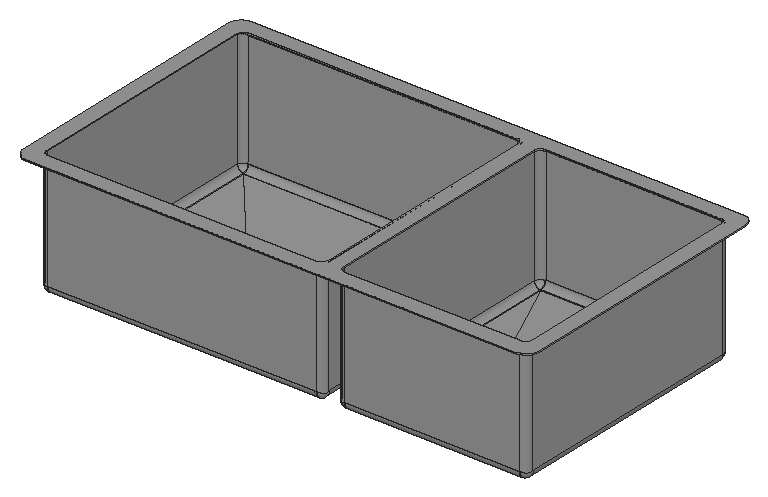
Revit family "BUILDMAT-SN101015-Lincoln-825-Stainless-Steel", category Plumbing Fixtures, host Face, Revit 2020
Family settings
  Host = Face
  Round Connector Dimension = Use Diameter
  Part Type = Normal
  Cut with Voids When Loaded = No
  Shared = No
  Room Calculation Point = No
Parameters (values of type "Lincoln 825x450x205mm")
  Width 2 = 300.0 mm
  Width 1 = 450.0 mm
  Undermount [instance] = 20.0 mm
  URL = "https://www.buildmat.com.au/products/825x450x205-single-3qtr-bowl-sink"
  Sound Pad 2 = yes
  Sound Pad 1 = yes
  Model = "SN101015"  # constant formula
  Manufacturer URL = "https://www.buildmat.com.au/"
  Manufacturer = "BUILDMAT"  # constant formula
  Length = 400.0 mm
  Gap = 25.0 mm
  Drain Sound Pad 2 = yes
  Drain Sound Pad 1 = yes
  Description = "BUILDMAT - Lincoln 825x450 Single & 3/4 Bowl Sink"  # constant formula
  Depth = 205.0 mm
  Default Elevation = 1200.0 mm
  D. S. Pad 2 = 230.0 mm
  D. S. Pad 1 = 230.0 mm
  D. Bracket 4 = 100.0 mm
  D. Bracket 3 = 25.0 mm
  D. Bracket 2 = 30.0 mm
  D. Bracket 1 = 100.0 mm
  Created By URL = "https://www.buildmat.com.au/"
  Created By = "BUILDMAT"  # constant formula
  Created = "22.06.2022"  # constant formula
  Bracket 4 = yes
  Bracket 3 = no
  Bracket 2 = yes
  Bracket 1 = yes
  Material = BUILDMAT Stainless Steel
Reference planes
  plane 1 "Center (Front/Back)": y = 0
  plane 2: z = 0
  plane 3 "Center (Left/Right)": x = 0
  plane 4: x = -12.5
  plane 5: x = 12.5
  plane 6: x = -462.5
  plane 7: x = 312.5
  plane 8: y = -200
  plane 9: y = 200
  plane 10: x = -487.5
  plane 11: x = 337.5
  plane 12: y = -225
  plane 13: y = 225
  plane 14: x = 162.5
  plane 15: x = -237.5
  plane 16: y = 190
  plane 17: y = -190
  plane 18: x = -452.5
  plane 19: x = -22.5
  plane 20: x = 22.5
  plane 21: x = 302.5
  plane 22: y = 201.5
  plane 23: y = -201.5
  plane 24: x = -464
  plane 25: x = -11
  plane 26: x = 11
  plane 27: x = 314
  plane 28: x = -294.5
  plane 29: x = -180.5
  plane 30: x = -192.5
  plane 31: x = -282.5
  plane 32: x = 105.5
  plane 33: x = 117.5
  plane 34: x = 207.5
  plane 35: x = 219.5
  plane 36 "Sound Pad 1": x = -232.5
  plane 37 "Sound Pad 2": x = 82.5
  plane 38 "Top Substrate": z = -20
  plane 39: z = -18.5
  plane 40 "Bottom Void": z = -225
  plane 41: z = -215
  plane 42: z = -205
  plane 43: z = -220
  plane 44: z = -221.481
  plane 45: z = -216.5
  plane 46 "Sound Pad": z = -125
  plane 47 "Bracket 1": x = -362.5
  plane 48 "Bracket 2": x = -42.5
  plane 49 "Bracket 3": x = 37.5
  plane 50 "Bracket 4": x = 212.5
  plane 51: y = 100
  plane 52: y = -100
  plane 53: x = -337.5
  plane 54: x = -137.5
  plane 55: x = 62.5
  plane 56: x = 262.5
  plane 57: z = -185
  plane 58: z = -165
Forms (mm)
  Extrusion 1, void
    sketch origin (0, 0, 0) x (1, 0, 0) y (0, 1, 0)
      loop
        arc (-452.5, 200) -> (-459.571, 197.071) -> (-462.5, 190) r 10
        line (-462.5, 190) -> (-462.5, -190)
        arc (-462.5, -190) -> (-459.571, -197.071) -> (-452.5, -200) r 10
        line (-452.5, -200) -> (302.5, -200)
        arc (302.5, -200) -> (309.571, -197.071) -> (312.5, -190) r 10
        line (312.5, -190) -> (312.5, 190)
        arc (312.5, 190) -> (309.571, 197.071) -> (302.5, 200) r 10
        line (302.5, 200) -> (-452.5, 200)
    from 0 to -18.5
  Extrusion 2, void
    sketch origin (0, 0, 0) x (1, 0, 0) y (0, 1, 0)
      loop
        arc (-467.5, 225) -> (-481.642, 219.142) -> (-487.5, 205) r 20
        line (-487.5, 205) -> (-487.5, -205)
        arc (-487.5, -205) -> (-481.642, -219.142) -> (-467.5, -225) r 20
        line (-467.5, -225) -> (317.5, -225)
        arc (317.5, -225) -> (331.642, -219.142) -> (337.5, -205) r 20
        line (337.5, -205) -> (337.5, 205)
        arc (337.5, 205) -> (331.642, 219.142) -> (317.5, 225) r 20
        line (317.5, 225) -> (-467.5, 225)
    from -20 to -18.5
  Extrusion 3, void
    sketch origin (0, 0, 0) x (1, 0, 0) y (0, 1, 0)
      loop
        line (-464, 201.5) -> (-464, -201.5) -> (314, -201.5) -> (314, 201.5) -> (-464, 201.5)
    from -225 to -20
  Extrusion 4, solid, material "BUILDMAT Stainless Steel" <- "Material"
    sketch origin (0, 0, -20) x (-1, 0, 0) y (0, -1, 0)
      loop
        arc (467.5, -225) -> (481.642, -219.142) -> (487.5, -205) r 20
        line (487.5, -205) -> (487.5, 205)
        arc (487.5, 205) -> (481.642, 219.142) -> (467.5, 225) r 20
        line (467.5, 225) -> (-317.5, 225)
        arc (-317.5, 225) -> (-331.642, 219.142) -> (-337.5, 205) r 20
        line (-337.5, 205) -> (-337.5, -205)
        arc (-337.5, -205) -> (-331.642, -219.142) -> (-317.5, -225) r 20
        line (-317.5, -225) -> (467.5, -225)
      loop
        arc (452.5, -200) -> (459.571, -197.071) -> (462.5, -190) r 10
        line (462.5, -190) -> (462.5, 190)
        arc (462.5, 190) -> (459.571, 197.071) -> (452.5, 200) r 10
        line (452.5, 200) -> (22.5, 200)
        arc (22.5, 200) -> (15.429, 197.071) -> (12.5, 190) r 10
        line (12.5, 190) -> (12.5, -190)
        arc (12.5, -190) -> (15.429, -197.071) -> (22.5, -200) r 10
        line (22.5, -200) -> (452.5, -200)
      loop
        line (-12.5, -190) -> (-12.5, 190)
        arc (-12.5, 190) -> (-15.429, 197.071) -> (-22.5, 200) r 10
        line (-22.5, 200) -> (-302.5, 200)
        arc (-302.5, 200) -> (-309.571, 197.071) -> (-312.5, 190) r 10
        line (-312.5, 190) -> (-312.5, -190)
        arc (-312.5, -190) -> (-309.571, -197.071) -> (-302.5, -200) r 10
        line (-302.5, -200) -> (-22.5, -200)
        arc (-22.5, -200) -> (-15.429, -197.071) -> (-12.5, -190) r 10
    from 0 to 1.5
  Extrusion 5, solid, material "BUILDMAT Stainless Steel" <- "Material"
    sketch origin (0, 0, -20) x (-1, 0, 0) y (0, -1, 0)
      loop
        arc (452.5, -200) -> (459.571, -197.071) -> (462.5, -190) r 10
        line (462.5, -190) -> (462.5, 190)
        arc (462.5, 190) -> (459.571, 197.071) -> (452.5, 200) r 10
        line (452.5, 200) -> (22.5, 200)
        arc (22.5, 200) -> (15.429, 197.071) -> (12.5, 190) r 10
        line (12.5, 190) -> (12.5, -190)
        arc (12.5, -190) -> (15.429, -197.071) -> (22.5, -200) r 10
        line (22.5, -200) -> (452.5, -200)
      loop
        arc (452.5, -201.5) -> (460.632, -198.132) -> (464, -190) r 11.5
        line (464, -190) -> (464, 190)
        arc (464, 190) -> (460.632, 198.132) -> (452.5, 201.5) r 11.5
        line (452.5, 201.5) -> (22.5, 201.5)
        arc (22.5, 201.5) -> (14.368, 198.132) -> (11, 190) r 11.5
        line (11, 190) -> (11, -190)
        arc (11, -190) -> (14.368, -198.132) -> (22.5, -201.5) r 11.5
        line (22.5, -201.5) -> (452.5, -201.5)
    from 0 to -185
  Extrusion 6, solid, material "BUILDMAT Stainless Steel" <- "Material"
    sketch origin (0, 0, -20) x (-1, 0, 0) y (0, -1, 0)
      loop
        arc (-22.5, -200) -> (-15.429, -197.071) -> (-12.5, -190) r 10
        line (-12.5, -190) -> (-12.5, 190)
        arc (-12.5, 190) -> (-15.429, 197.071) -> (-22.5, 200) r 10
        line (-22.5, 200) -> (-302.5, 200)
        arc (-302.5, 200) -> (-309.571, 197.071) -> (-312.5, 190) r 10
        line (-312.5, 190) -> (-312.5, -190)
        arc (-312.5, -190) -> (-309.571, -197.071) -> (-302.5, -200) r 10
        line (-302.5, -200) -> (-22.5, -200)
      loop
        line (-11, -190) -> (-11, 190)
        arc (-11, 190) -> (-14.368, 198.132) -> (-22.5, 201.5) r 11.5
        line (-22.5, 201.5) -> (-302.5, 201.5)
        arc (-302.5, 201.5) -> (-310.632, 198.132) -> (-314, 190) r 11.5
        line (-314, 190) -> (-314, -190)
        arc (-314, -190) -> (-310.632, -198.132) -> (-302.5, -201.5) r 11.5
        line (-302.5, -201.5) -> (-22.5, -201.5)
        arc (-22.5, -201.5) -> (-14.368, -198.132) -> (-11, -190) r 11.5
    from 0 to -185
  Extrusion 7, solid, material "BUILDMAT Stainless Steel" <- "Material"
    sketch origin (0, 0, 0) x (1, 0, 0) y (0, 0, 1)
      loop
        line (-462.5, -205) -> (-464, -205)
        arc (-464, -205) -> (-460.632, -213.132) -> (-452.5, -216.5) r 11.5
        line (-452.5, -216.5) -> (-452.5, -215)
        arc (-452.5, -215) -> (-459.571, -212.071) -> (-462.5, -205) r 10
    from -190 to 190
  Extrusion 8, solid, material "BUILDMAT Stainless Steel" <- "Material"
    sketch origin (0, 0, 0) x (1, 0, 0) y (0, 0, 1)
      loop
        arc (-12.5, -205) -> (-15.429, -212.071) -> (-22.5, -215) r 10
        line (-22.5, -215) -> (-22.5, -216.5)
        arc (-22.5, -216.5) -> (-14.368, -213.132) -> (-11, -205) r 11.5
        line (-11, -205) -> (-12.5, -205)
    from -190 to 190
  Extrusion 9, solid, material "BUILDMAT Stainless Steel" <- "Material"
    sketch origin (0, 0, 0) x (1, 0, 0) y (0, 0, 1)
      loop
        line (12.5, -205) -> (11, -205)
        arc (11, -205) -> (14.368, -213.132) -> (22.5, -216.5) r 11.5
        line (22.5, -216.5) -> (22.5, -215)
        arc (22.5, -215) -> (15.429, -212.071) -> (12.5, -205) r 10
    from -190 to 190
  Extrusion 10, solid, material "BUILDMAT Stainless Steel" <- "Material"
    sketch origin (0, 0, 0) x (1, 0, 0) y (0, 0, 1)
      loop
        arc (312.5, -205) -> (309.571, -212.071) -> (302.5, -215) r 10
        line (302.5, -215) -> (302.5, -216.5)
        arc (302.5, -216.5) -> (310.632, -213.132) -> (314, -205) r 11.5
        line (314, -205) -> (312.5, -205)
    from -190 to 190
  Extrusion 11, solid, material "BUILDMAT Stainless Steel" <- "Material"
    sketch origin (0, 0, 0) x (0, 1, 0) y (0, 0, 1)
      loop
        line (201.5, -205) -> (200, -205)
        arc (200, -205) -> (197.071, -212.071) -> (190, -215) r 10
        line (190, -215) -> (190, -216.5)
        arc (190, -216.5) -> (198.132, -213.132) -> (201.5, -205) r 11.5
    from 22.5 to 302.5
  Extrusion 12, solid, material "BUILDMAT Stainless Steel" <- "Material"
    sketch origin (0, 0, 0) x (0, 1, 0) y (0, 0, 1)
      loop
        line (-200, -205) -> (-201.5, -205)
        arc (-201.5, -205) -> (-198.132, -213.132) -> (-190, -216.5) r 11.5
        line (-190, -216.5) -> (-190, -215)
        arc (-190, -215) -> (-197.071, -212.071) -> (-200, -205) r 10
    from 22.5 to 302.5
  Extrusion 13, solid, material "BUILDMAT Stainless Steel" <- "Material"
    sketch origin (0, 0, 0) x (0, 1, 0) y (0, 0, 1)
      loop
        arc (200, -205) -> (197.071, -212.071) -> (190, -215) r 10
        line (190, -215) -> (190, -216.5)
        arc (190, -216.5) -> (198.132, -213.132) -> (201.5, -205) r 11.5
        line (201.5, -205) -> (200, -205)
    from -452.5 to -22.5
  Extrusion 14, solid, material "BUILDMAT Stainless Steel" <- "Material"
    sketch origin (0, 0, 0) x (0, 1, 0) y (0, 0, 1)
      loop
        line (-200, -205) -> (-201.5, -205)
        arc (-201.5, -205) -> (-198.132, -213.132) -> (-190, -216.5) r 11.5
        line (-190, -216.5) -> (-190, -215)
        arc (-190, -215) -> (-197.071, -212.071) -> (-200, -205) r 10
    from -452.5 to -22.5
  Revolve 15, solid, material "BUILDMAT Stainless Steel" <- "Material"
    sketch origin (-423.435, 190, 4000) x (-1, 0, 0) y (0, 0, 1)
      loop
        arc (39.065, -4205) -> (36.136, -4212.071) -> (29.065, -4215) r 10
        line (29.065, -4215) -> (29.065, -4216.5)
        arc (29.065, -4216.5) -> (37.196, -4213.132) -> (40.565, -4205) r 11.5
        line (40.565, -4205) -> (39.065, -4205)
      axis (29.065, -4205) -> (29.065, -4216.5)
    angle from -90 to 0
  Revolve 16, solid, material "BUILDMAT Stainless Steel" <- "Material"
    sketch origin (-423.435, 190, 4000) x (-1, 0, 0) y (0, 0, 1)
      loop
        line (-410.935, -4205) -> (-412.435, -4205)
        arc (-412.435, -4205) -> (-409.067, -4213.132) -> (-400.935, -4216.5) r 11.5
        line (-400.935, -4216.5) -> (-400.935, -4215)
        arc (-400.935, -4215) -> (-408.006, -4212.071) -> (-410.935, -4205) r 10
      axis (-400.935, -4205) -> (-400.935, -4216.5)
    angle from -90 to 0
  Revolve 17, solid, material "BUILDMAT Stainless Steel" <- "Material"
    sketch origin (-423.435, 190, 4000) x (-1, 0, 0) y (0, 0, 1)
      loop
        arc (-435.935, -4205) -> (-438.864, -4212.071) -> (-445.935, -4215) r 10
        line (-445.935, -4215) -> (-445.935, -4216.5)
        arc (-445.935, -4216.5) -> (-437.804, -4213.132) -> (-434.435, -4205) r 11.5
        line (-434.435, -4205) -> (-435.935, -4205)
      axis (-445.935, -4205) -> (-445.935, -4216.5)
    angle from -90 to 0
  Revolve 18, solid, material "BUILDMAT Stainless Steel" <- "Material"
    sketch origin (-423.435, 190, 4000) x (-1, 0, 0) y (0, 0, 1)
      loop
        line (-735.935, -4205) -> (-737.435, -4205)
        arc (-737.435, -4205) -> (-734.067, -4213.132) -> (-725.935, -4216.5) r 11.5
        line (-725.935, -4216.5) -> (-725.935, -4215)
        arc (-725.935, -4215) -> (-733.006, -4212.071) -> (-735.935, -4205) r 10
      axis (-725.935, -4205) -> (-725.935, -4216.5)
    angle from -90 to 0
  Revolve 19, solid, material "BUILDMAT Stainless Steel" <- "Material"
    sketch origin (-423.435, -190, 4000) x (-1, 0, 0) y (0, 0, 1)
      loop
        arc (39.065, -4205) -> (36.136, -4212.071) -> (29.065, -4215) r 10
        line (29.065, -4215) -> (29.065, -4216.5)
        arc (29.065, -4216.5) -> (37.196, -4213.132) -> (40.565, -4205) r 11.5
        line (40.565, -4205) -> (39.065, -4205)
      axis (29.065, -4205) -> (29.065, -4216.5)
    angle from 0 to 90
  Revolve 20, solid, material "BUILDMAT Stainless Steel" <- "Material"
    sketch origin (-423.435, -190, 4000) x (-1, 0, 0) y (0, 0, 1)
      loop
        arc (-412.435, -4205) -> (-409.067, -4213.132) -> (-400.935, -4216.5) r 11.5
        line (-400.935, -4216.5) -> (-400.935, -4215)
        arc (-400.935, -4215) -> (-408.006, -4212.071) -> (-410.935, -4205) r 10
        line (-410.935, -4205) -> (-412.435, -4205)
      axis (-400.935, -4205) -> (-400.935, -4216.5)
    angle from 0 to 90
  Revolve 21, solid, material "BUILDMAT Stainless Steel" <- "Material"
    sketch origin (-423.435, -190, 4000) x (-1, 0, 0) y (0, 0, 1)
      loop
        line (-434.435, -4205) -> (-435.935, -4205)
        arc (-435.935, -4205) -> (-438.864, -4212.071) -> (-445.935, -4215) r 10
        line (-445.935, -4215) -> (-445.935, -4216.5)
        arc (-445.935, -4216.5) -> (-437.804, -4213.132) -> (-434.435, -4205) r 11.5
      axis (-445.935, -4205) -> (-445.935, -4216.5)
    angle from 0 to 90
  Revolve 22, solid, material "BUILDMAT Stainless Steel" <- "Material"
    sketch origin (-423.435, -190, 4000) x (-1, 0, 0) y (0, 0, 1)
      loop
        arc (-737.435, -4205) -> (-734.067, -4213.132) -> (-725.935, -4216.5) r 11.5
        line (-725.935, -4216.5) -> (-725.935, -4215)
        arc (-725.935, -4215) -> (-733.006, -4212.071) -> (-735.935, -4205) r 10
        line (-735.935, -4205) -> (-737.435, -4205)
      axis (-725.935, -4205) -> (-725.935, -4216.5)
    angle from 0 to 90
  Extrusion 23, solid, material "BUILDMAT Stainless Steel" <- "Material"
    sketch origin (0, 0, -20) x (-1, 0, 0) y (0, -1, 0)
      loop
        line (22.5, -190) -> (452.5, -190) -> (452.5, 190) -> (22.5, 190) -> (22.5, -190)
    from -196.5 to -195
  Extrusion 24, solid, material "BUILDMAT Stainless Steel" <- "Material"
    sketch origin (0, 0, -20) x (-1, 0, 0) y (0, -1, 0)
      loop
        line (-22.5, -190) -> (-22.5, 190) -> (-302.5, 190) -> (-302.5, -190) -> (-22.5, -190)
    from -196.5 to -195
  Blend 25, solid, material "BUILDMAT Stainless Steel" <- "Material"
    base sketch origin (0, 0, -20) x (-1, 0, 0) y (0, -1, 0)
      loop
        circle (237.5, 0) r 57
    top sketch origin (0, 0, -20) x (-1, 0, 0) y (0, -1, 0)
      loop
        line (452.5, -190) -> (452.5, 190) -> (22.5, 190) -> (22.5, -190) -> (452.5, -190)
    from -201.481 to -196.5
  Blend 26, solid, material "BUILDMAT Stainless Steel" <- "Material"
    base sketch origin (0, 0, -20) x (-1, 0, 0) y (0, -1, 0)
      loop
        circle (-162.5, 0) r 57
    top sketch origin (0, 0, -20) x (-1, 0, 0) y (0, -1, 0)
      loop
        line (-22.5, -190) -> (-22.5, 190) -> (-302.5, 190) -> (-302.5, -190) -> (-22.5, -190)
    from -201.481 to -196.5
  Blend 27, void
    base sketch origin (0, 0, -20) x (-1, 0, 0) y (0, -1, 0)
      loop
        circle (237.5, 0) r 57
    top sketch origin (0, 0, -20) x (-1, 0, 0) y (0, -1, 0)
      loop
        line (452.5, -190) -> (452.5, 190) -> (22.5, 190) -> (22.5, -190) -> (452.5, -190)
    from -200 to -195
  Blend 28, void
    base sketch origin (0, 0, -20) x (-1, 0, 0) y (0, -1, 0)
      loop
        circle (-162.5, 0) r 57
    top sketch origin (0, 0, -20) x (-1, 0, 0) y (0, -1, 0)
      loop
        line (-22.5, -190) -> (-22.5, 190) -> (-302.5, 190) -> (-302.5, -190) -> (-22.5, -190)
    from -200 to -195
  Extrusion 29, void
    sketch origin (0, 0, -225) x (-1, 0, 0) y (0, -1, 0)
      loop
        circle (237.5, 0) r 57
    from 0 to 5
  Extrusion 30, void
    sketch origin (0, 0, -225) x (-1, 0, 0) y (0, -1, 0)
      loop
        circle (-162.5, 0) r 57
    from 0 to 5
  Revolve 31, solid, material "BUILDMAT Stainless Steel" <- "Material"
    sketch origin (0, 0, 0) x (1, 0, 0) y (0, 0, 1)
      loop
        spline (-294.5, -220) -> (-294.397, -220.653) -> (-294.091, -221.294) -> (-293.587, -221.913) -> (-292.892, -222.5) -> (-292.02, -223.044) -> (-290.985, -223.536) -> (-289.805, -223.967) -> (-288.5, -224.33) -> (-287.092, -224.619) -> (-285.606, -224.83) -> (-284.066, -224.957) -> (-282.5, -225)
        line (-282.5, -225) -> (-282.5, -223.5)
        spline (-282.5, -223.5) -> (-283.871, -223.47) -> (-285.218, -223.381) -> (-286.518, -223.234) -> (-287.75, -223.031) -> (-288.892, -222.777) -> (-289.925, -222.475) -> (-290.83, -222.131) -> (-291.593, -221.75) -> (-292.201, -221.339) -> (-292.642, -220.906) -> (-292.91, -220.457) -> (-293, -220)
        line (-293, -220) -> (-294.5, -220)
      axis (-237.5, -225) -> (-237.5, -220)
    angle from 0 to 360
  Revolve 32, solid, material "BUILDMAT Stainless Steel" <- "Material"
    sketch origin (0, 0, 0) x (1, 0, 0) y (0, 0, 1)
      loop
        line (219.5, -220) -> (218, -220)
        spline (218, -220) -> (217.91, -220.457) -> (217.642, -220.906) -> (217.201, -221.339) -> (216.593, -221.75) -> (215.83, -222.131) -> (214.925, -222.475) -> (213.892, -222.777) -> (212.75, -223.031) -> (211.518, -223.234) -> (210.218, -223.381) -> (208.871, -223.47) -> (207.5, -223.5)
        line (207.5, -223.5) -> (207.5, -225)
        spline (207.5, -225) -> (209.066, -224.957) -> (210.606, -224.83) -> (212.092, -224.619) -> (213.5, -224.33) -> (214.805, -223.967) -> (215.985, -223.536) -> (217.02, -223.044) -> (217.892, -222.5) -> (218.587, -221.913) -> (219.091, -221.294) -> (219.397, -220.653) -> (219.5, -220)
      axis (162.5, -220) -> (162.5, -225)
    angle from 0 to 360
Cuts and joins
  Blend 27, Extrusion 29 cuts Extrusion 23
  Blend 27, Extrusion 29 cuts Blend 25
  joined: Extrusion 23, Blend 25
  Blend 28, Extrusion 30 cuts Extrusion 24
  Blend 28, Extrusion 30 cuts Blend 26
  joined: Extrusion 24, Blend 26
Lines and regions (mm)
  Masking region 1
    outline origin (0, 0, 0) x (1, 0, 0) y (0, 0, 1)
      loop
        line (-462.5, -20) -> (-462.5, -205)
        arc (-462.5, -205) -> (-459.791, -211.844) -> (-453.132, -214.98) r 10
        line (-453.132, -214.98) -> (-294.5, -220) -> (-180.5, -220) -> (-22.5, -215)
        arc (-22.5, -215) -> (-15.429, -212.071) -> (-12.5, -205) r 10
        line (-12.5, -205) -> (-12.5, -20) -> (-462.5, -20)
  Masking region 2
    outline origin (0, 0, 0) x (1, 0, 0) y (0, 0, 1)
      loop
        line (12.5, -20) -> (12.5, -205)
        arc (12.5, -205) -> (15.017, -211.633) -> (21.3, -214.928) r 10
        line (21.3, -214.928) -> (105.5, -220) -> (219.5, -220) -> (302.5, -215)
        arc (302.5, -215) -> (309.571, -212.071) -> (312.5, -205) r 10
        line (312.5, -205) -> (312.5, -20) -> (12.5, -20)
  Masking region 3, visible <- "Drain Sound Pad 1"
    outline origin (0, 0, 0) x (1, 0, 0) y (0, 0, 1)
      loop
        line (-294.5, -221.481) -> (-337.5, -220.126) -> (-337.5, -225) -> (-294.5, -225) -> (-294.5, -221.481)
  Masking region 4, visible <- "Drain Sound Pad 1"
    outline origin (0, 0, 0) x (1, 0, 0) y (0, 0, 1)
      loop
        line (-180.5, -221.481) -> (-180.5, -225) -> (-137.5, -225) -> (-137.5, -220.126) -> (-180.5, -221.481)
  Masking region 5, visible <- "Drain Sound Pad 2"
    outline origin (0, 0, 0) x (1, 0, 0) y (0, 0, 1)
      loop
        line (62.5, -218.901) -> (62.5, -225) -> (105.5, -225) -> (105.5, -221.481) -> (62.5, -218.901)
  Masking region 6, visible <- "Drain Sound Pad 2"
    outline origin (0, 0, 0) x (1, 0, 0) y (0, 0, 1)
      loop
        line (262.5, -218.901) -> (219.5, -221.481) -> (219.5, -225) -> (262.5, -225) -> (262.5, -218.901)
  Masking region 7
    outline origin (0, 0, 0) x (1, 0, 0) y (0, 0, 1)
      loop
        line (-11, -165) -> (-11, -185) -> (11, -185) -> (11, -165) -> (-11, -165)
Text (mm)
  text "Refer to www.buildmat.com.au for the most current product literature. \nAllow a +/- 5mm tolerance for dimensions shown in the product literature. \nPlease note product details are subject to change due to ongoing product development." at (0.056, -1035.857, 0), in view "Ref. Level"
Dimensions and locks
  equal spacing: plane 4, plane 3 "Center (Left/Right)", plane 5
  "Gap": plane 4 to plane 5
  "Width 1": plane 6 to plane 4
  "Width 2": plane 5 to plane 7
  equal spacing: plane 9, plane 1 "Center (Front/Back)", plane 8
  "Length": plane 8 to plane 9
  locked: plane 10 to plane 6 at 25
  locked: plane 7 to plane 11 at 25
  locked: plane 13 to plane 9 at 25
  locked: plane 8 to plane 12 at 25
  equal spacing: plane 5, plane 14, plane 7
  equal spacing: plane 6, plane 15, plane 4
  locked: plane 9 to plane 16 at 10
  locked: plane 17 to plane 8 at 10
  locked: plane 6 to plane 18 at 10
  locked: plane 19 to plane 4 at 10
  locked: plane 5 to plane 20 at 10
  locked: plane 21 to plane 7 at 10
  locked: plane 8 to plane 23 at 1.5
  locked: plane 22 to plane 9 at 1.5
  locked: plane 24 to plane 6 at 1.5
  locked: plane 4 to plane 25 at 1.5
  locked: plane 26 to plane 5 at 1.5
  locked: plane 7 to plane 27 at 1.5
  plane 28 to plane 15 to plane 29 = 57.0 mm locked, 57.0 mm locked
  plane 31 to plane 15 to plane 30 = 45.0 mm locked, 45.0 mm locked
  plane 32 to plane 14 to plane 35 = 57.0 mm locked, 57.0 mm locked
  plane 33 to plane 14 to plane 34 = 45.0 mm locked, 45.0 mm locked
  locked: plane 39 to plane 38 "Top Substrate" at 1.5
  plane 42 to plane 41 to plane 40 "Bottom Void" = 10.0 mm locked, 10.0 mm locked
  locked: plane 43 to plane 40 "Bottom Void" at 5
  locked: plane 43 to plane 44 at 1.481
  locked: plane 41 to plane 45 at 1.5
  locked: plane 46 "Sound Pad" to plane 40 "Bottom Void" at 100
  "Depth": plane 38 "Top Substrate" to plane 40 "Bottom Void"
  "Undermount": plane 2 to plane 38 "Top Substrate"
  "D. S. Pad 1": plane 36 "Sound Pad 1" to plane 6
  "D. S. Pad 2": plane 7 to plane 37 "Sound Pad 2"
  "D. Bracket 1": plane 47 "Bracket 1" to plane 6
  "D. Bracket 2": plane 4 to plane 48 "Bracket 2"
  "D. Bracket 3": plane 49 "Bracket 3" to plane 5
  "D. Bracket 4": plane 7 to plane 50 "Bracket 4"
  locked: plane 9 to plane 51 at 100
  locked: plane 52 to plane 8 at 100
  plane 54 to plane 15 to plane 53 = 100.0 mm locked, 100.0 mm locked
  plane 56 to plane 14 to plane 55 = 100.0 mm locked, 100.0 mm locked
  plane 58 to plane 57 to plane 42 = 20.0 mm locked, 20.0 mm locked
  aligned and locked: plane 2 to host face
  aligned and locked: level to host face
  aligned and locked: Extrusion 1 sketch curve to plane 9
  aligned and locked: Extrusion 1 sketch curve to plane 6
  aligned and locked: Extrusion 1 sketch curve to plane 7
  aligned and locked: Extrusion 1 sketch curve to plane 8
  aligned and locked: Extrusion 1 to level
  aligned and locked: Extrusion 1 to plane 39
  aligned and locked: Extrusion 2 sketch curve to plane 13
  aligned and locked: Extrusion 2 sketch curve to plane 10
  aligned and locked: Extrusion 2 sketch curve to plane 11
  aligned and locked: Extrusion 2 sketch curve to plane 12
  aligned and locked: Extrusion 2 to plane 38 "Top Substrate"
  aligned and locked: Extrusion 2 to plane 39
  aligned and locked: Extrusion 3 sketch curve to plane 22
  aligned and locked: Extrusion 3 sketch curve to plane 24
  aligned and locked: Extrusion 3 sketch curve to plane 27
  aligned and locked: Extrusion 3 sketch curve to plane 23
  aligned and locked: Extrusion 3 to plane 40 "Bottom Void"
  aligned and locked: plane 38 "Top Substrate" to Extrusion 3
  aligned and locked: Extrusion 4 sketch curve to plane 13
  aligned and locked: Extrusion 4 sketch curve to plane 10
  aligned and locked: Extrusion 4 sketch curve to plane 11
  aligned and locked: Extrusion 4 sketch curve to plane 12
  aligned and locked: Extrusion 4 sketch curve to plane 9  (x2)
  aligned and locked: Extrusion 4 sketch curve to plane 6
  aligned and locked: Extrusion 4 sketch curve to plane 8  (x2)
  aligned and locked: Extrusion 4 sketch curve to plane 4
  aligned and locked: Extrusion 4 sketch curve to plane 5
  aligned and locked: Extrusion 4 sketch curve to plane 7
  aligned and locked: Extrusion 4 to plane 38 "Top Substrate"
  aligned and locked: Extrusion 4 to plane 39
  aligned and locked: Extrusion 5 sketch curve to plane 9
  aligned and locked: Extrusion 5 sketch curve to plane 22
  aligned and locked: Extrusion 5 sketch curve to plane 6
  aligned and locked: Extrusion 5 sketch curve to plane 24
  aligned and locked: Extrusion 5 sketch curve to plane 25
  aligned and locked: Extrusion 5 sketch curve to plane 4
  aligned and locked: Extrusion 5 sketch curve to plane 23
  aligned and locked: Extrusion 5 sketch curve to plane 8
  aligned and locked: Extrusion 5 to plane 42
  aligned and locked: plane 38 "Top Substrate" to Extrusion 5
  aligned and locked: Extrusion 6 sketch curve to plane 9
  aligned and locked: Extrusion 6 sketch curve to plane 7
  aligned and locked: Extrusion 6 sketch curve to plane 8
  aligned and locked: Extrusion 6 sketch curve to plane 5
  aligned and locked: Extrusion 6 sketch curve to plane 26
  aligned and locked: Extrusion 6 sketch curve to plane 27
  aligned and locked: Extrusion 6 sketch curve to plane 22
  aligned and locked: Extrusion 6 sketch curve to plane 23
  aligned and locked: Extrusion 6 to plane 42
  aligned and locked: plane 38 "Top Substrate" to Extrusion 6
  aligned and locked: Extrusion 7 sketch curve to plane 42
  aligned and locked: Extrusion 7 sketch curve to plane 18
  aligned and locked: Extrusion 8 sketch curve to plane 42
  aligned and locked: Extrusion 8 sketch curve to plane 19
  aligned and locked: Extrusion 9 sketch curve to plane 42
  aligned and locked: Extrusion 9 sketch curve to plane 20
  aligned and locked: Extrusion 10 sketch curve to plane 21
  aligned and locked: plane 42 to Extrusion 10 sketch curve
  aligned and locked: plane 16 to Extrusion 10
  aligned and locked: plane 16 to Extrusion 9
  aligned and locked: plane 16 to Extrusion 8
  aligned and locked: plane 16 to Extrusion 7
  aligned and locked: Extrusion 10 to plane 17
  aligned and locked: Extrusion 9 to plane 17
  aligned and locked: Extrusion 8 to plane 17
  aligned and locked: Extrusion 7 to plane 17
  aligned and locked: plane 42 to Extrusion 11 sketch curve
  aligned and locked: plane 16 to Extrusion 11 sketch curve
  aligned and locked: plane 17 to Extrusion 12 sketch curve
  aligned and locked: plane 42 to Extrusion 12 sketch curve
  aligned and locked: plane 21 to Extrusion 11
  aligned and locked: plane 21 to Extrusion 12
  aligned and locked: Extrusion 11 to plane 20
  aligned and locked: Extrusion 12 to plane 20
  aligned and locked: plane 16 to Extrusion 13 sketch curve
  aligned and locked: plane 42 to Extrusion 13 sketch curve
  aligned and locked: plane 17 to Extrusion 14 sketch curve
  aligned and locked: plane 42 to Extrusion 14 sketch curve
  aligned and locked: Extrusion 14 to plane 18
  aligned and locked: plane 19 to Extrusion 14
  aligned and locked: Extrusion 13 to plane 18
  aligned and locked: plane 19 to Extrusion 13
  aligned and locked: Revolve 15 sketch curve to plane 18
  aligned and locked: Revolve 15 sketch curve to plane 42
  aligned and locked: plane 18 to Revolve 15 sketch curve
  aligned and locked: plane 18 to Revolve 15
  aligned and locked: plane 16 to Revolve 15
  aligned and locked: Revolve 16 sketch curve to plane 19
  aligned and locked: plane 19 to Revolve 16 sketch curve
  aligned and locked: plane 42 to Revolve 16 sketch curve
  aligned and locked: Revolve 16 to plane 19
  aligned and locked: plane 16 to Revolve 16
  aligned and locked: Revolve 17 sketch curve to plane 20
  aligned and locked: plane 42 to Revolve 17 sketch curve
  aligned and locked: plane 20 to Revolve 17 sketch curve
  aligned and locked: plane 20 to Revolve 17
  aligned and locked: plane 16 to Revolve 17
  aligned and locked: Revolve 18 sketch curve to plane 21
  aligned and locked: plane 21 to Revolve 18 sketch curve
  aligned and locked: plane 42 to Revolve 18 sketch curve
  aligned and locked: Revolve 18 to plane 21
  aligned and locked: Revolve 18 to plane 16
  aligned and locked: Revolve 19 sketch curve to plane 18
  aligned and locked: Revolve 19 sketch curve to plane 42
  aligned and locked: plane 18 to Revolve 19 sketch curve
  aligned and locked: Revolve 19 to plane 18
  aligned and locked: plane 17 to Revolve 19
  aligned and locked: Revolve 20 sketch curve to plane 19
  aligned and locked: plane 42 to Revolve 20 sketch curve
  aligned and locked: plane 19 to Revolve 20 sketch curve
  aligned and locked: plane 19 to Revolve 20
  aligned and locked: plane 17 to Revolve 20
  aligned and locked: Revolve 21 sketch curve to plane 20
  aligned and locked: plane 42 to Revolve 21 sketch curve
  aligned and locked: plane 20 to Revolve 21 sketch curve
  aligned and locked: Revolve 21 to plane 20
  aligned and locked: plane 17 to Revolve 21
  aligned and locked: Revolve 22 sketch curve to plane 21
  aligned and locked: plane 42 to Revolve 22 sketch curve
  aligned and locked: plane 21 to Revolve 22 sketch curve
  aligned and locked: Revolve 22 to plane 17
  aligned and locked: plane 21 to Revolve 22
  aligned and locked: Extrusion 23 sketch curve to plane 19
  aligned and locked: Extrusion 23 sketch curve to plane 18
  aligned and locked: Extrusion 23 sketch curve to plane 16
  aligned and locked: Extrusion 23 sketch curve to plane 17
  aligned and locked: Extrusion 23 to plane 45
  aligned and locked: plane 41 to Extrusion 23
  aligned and locked: Extrusion 24 sketch curve to plane 16
  aligned and locked: Extrusion 24 sketch curve to plane 17
  aligned and locked: Extrusion 24 sketch curve to plane 21
  aligned and locked: Extrusion 24 sketch curve to plane 20
  aligned and locked: Extrusion 24 to plane 45
  aligned and locked: Extrusion 24 to plane 41
  aligned and locked: plane 44 to Blend 25
  aligned and locked: plane 45 to Blend 25
  aligned and locked: plane 44 to Blend 26
  aligned and locked: Blend 26 to plane 45
  aligned and locked: Blend 25 sketch curve to plane 16
  aligned and locked: Blend 25 sketch curve to plane 17
  aligned and locked: Blend 25 sketch curve to plane 18
  aligned and locked: Blend 25 sketch curve to plane 19
  aligned and locked: Blend 26 sketch curve to plane 16
  aligned and locked: Blend 26 sketch curve to plane 17
  aligned and locked: Blend 26 sketch curve to plane 21
  aligned and locked: Blend 26 sketch curve to plane 20
  aligned and locked: Blend 27 sketch curve to plane 16
  aligned and locked: Blend 27 sketch curve to plane 17
  aligned and locked: Blend 27 sketch curve to plane 18
  aligned and locked: Blend 27 sketch curve to plane 19
  aligned and locked: Blend 27 to plane 43
  aligned and locked: plane 41 to Blend 27
  aligned and locked: Blend 28 sketch curve to plane 16
  aligned and locked: Blend 28 sketch curve to plane 17
  aligned and locked: Blend 28 sketch curve to plane 21
  aligned and locked: Blend 28 sketch curve to plane 20
  aligned and locked: Blend 28 to plane 43
  aligned and locked: Blend 28 to plane 41
  aligned and locked: Extrusion 29 to plane 40 "Bottom Void"
  aligned and locked: plane 43 to Extrusion 29
  aligned and locked: Extrusion 30 to plane 40 "Bottom Void"
  aligned and locked: plane 43 to Extrusion 30
  aligned and locked: plane 15 to Revolve 31 sketch curve
  aligned and locked: Revolve 31 sketch curve to plane 43
  aligned and locked: plane 31 to Revolve 31 sketch curve
  aligned and locked: Revolve 32 sketch curve to plane 14
  aligned and locked: plane 34 to Revolve 32 sketch curve
  aligned and locked: plane 43 to Revolve 32 sketch curve
  aligned and locked: plane 18 to nested 1
  aligned and locked: plane 19 to nested 1
  aligned and locked: plane 17 to nested 1
  aligned and locked: plane 16 to nested 1
  aligned and locked: plane 20 to nested 2
  aligned and locked: plane 21 to nested 2
  aligned and locked: nested 2 to plane 17
  aligned and locked: nested 2 to plane 16
  aligned and locked: plane 14 to nested 4
  aligned and locked: plane 15 to nested 3
  aligned and locked: plane 1 "Center (Front/Back)" to nested 3
  aligned and locked: plane 1 "Center (Front/Back)" to nested 4
  aligned and locked: plane 51 to nested 5
  aligned and locked: plane 24 to nested 5
  aligned and locked: plane 52 to nested 6
  aligned and locked: plane 24 to nested 6
  aligned and locked: plane 51 to nested 7
  aligned and locked: plane 52 to nested 8
  aligned and locked: nested 8 to plane 27
  aligned and locked: nested 7 to plane 27
  aligned and locked: nested 13 to plane 47 "Bracket 1"
  aligned and locked: nested 14 to plane 48 "Bracket 2"
  aligned and locked: plane 23 to nested 13
  aligned and locked: plane 23 to nested 14
  aligned and locked: nested 15 to plane 49 "Bracket 3"
  aligned and locked: plane 23 to nested 15
  aligned and locked: nested 16 to plane 50 "Bracket 4"
  aligned and locked: plane 23 to nested 16
  aligned and locked: plane 47 "Bracket 1" to nested 9
  aligned and locked: nested 9 to plane 22
  aligned and locked: plane 48 "Bracket 2" to nested 10
  aligned and locked: nested 10 to plane 22
  aligned and locked: plane 49 "Bracket 3" to nested 11
  aligned and locked: plane 50 "Bracket 4" to nested 12
  aligned and locked: nested 12 to plane 22
  aligned and locked: nested 11 to plane 22
  aligned and locked: Masking region 1 sketch curve to plane 38 "Top Substrate"
  aligned and locked: Masking region 1 sketch curve to plane 6
  aligned and locked: Masking region 1 sketch curve to plane 4
  aligned and locked: Masking region 1 sketch curve to Extrusion 7
  aligned and locked: Masking region 1 sketch curve to Extrusion 8
  aligned and locked: Masking region 1 sketch curve to plane 43
  aligned and locked: Masking region 1 sketch curve to cut or joined group of Extrusion 23, Blend 25, Blend 27, Extrusion 29  (x2)
  aligned and locked: Masking region 2 sketch curve to plane 38 "Top Substrate"
  aligned and locked: Masking region 2 sketch curve to plane 43
  aligned and locked: Masking region 2 sketch curve to plane 7
  aligned and locked: Masking region 2 sketch curve to plane 5
  aligned and locked: Masking region 2 sketch curve to Extrusion 9
  aligned and locked: Masking region 2 sketch curve to cut or joined group of Extrusion 24, Blend 26, Blend 28, Extrusion 30  (x2)
  aligned and locked: Masking region 2 sketch curve to Extrusion 10
  aligned and locked: nested 17 to plane 38 "Top Substrate"
  aligned and locked: plane 47 "Bracket 1" to nested 17
  aligned and locked: nested 18 to plane 38 "Top Substrate"
  aligned and locked: plane 48 "Bracket 2" to nested 18
  aligned and locked: nested 20 to plane 38 "Top Substrate"
  aligned and locked: plane 50 "Bracket 4" to nested 20
  aligned and locked: nested 19 to plane 38 "Top Substrate"
  aligned and locked: plane 49 "Bracket 3" to nested 19
  aligned and locked: nested 21 to plane 46 "Sound Pad"
  aligned and locked: plane 36 "Sound Pad 1" to nested 21
  aligned and locked: nested 22 to plane 46 "Sound Pad"
  aligned and locked: plane 37 "Sound Pad 2" to nested 22
  aligned and locked: Masking region 3 sketch curve to plane 28
  aligned and locked: cut or joined group of Extrusion 23, Blend 25, Blend 27, Extrusion 29 to Masking region 3 sketch curve
  aligned and locked: Masking region 3 sketch curve to plane 40 "Bottom Void"
  aligned and locked: Masking region 3 sketch curve to plane 53
  aligned and locked: Masking region 4 sketch curve to plane 29
  aligned and locked: Masking region 4 sketch curve to plane 54
  aligned and locked: Masking region 4 sketch curve to plane 40 "Bottom Void"
  aligned and locked: Masking region 4 sketch curve to cut or joined group of Extrusion 23, Blend 25, Blend 27, Extrusion 29
  aligned and locked: cut or joined group of Extrusion 24, Blend 26, Blend 28, Extrusion 30 to Masking region 5 sketch curve
  aligned and locked: Masking region 5 sketch curve to plane 55
  aligned and locked: Masking region 5 sketch curve to plane 32
  aligned and locked: Masking region 5 sketch curve to plane 40 "Bottom Void"
  aligned and locked: Masking region 6 sketch curve to plane 56
  aligned and locked: Masking region 6 sketch curve to plane 35
  aligned and locked: Masking region 6 sketch curve to cut or joined group of Extrusion 24, Blend 26, Blend 28, Extrusion 30
  aligned and locked: Masking region 6 sketch curve to plane 40 "Bottom Void"
  aligned and locked: Masking region 7 sketch curve to plane 58
  aligned and locked: Masking region 7 sketch curve to plane 57
  aligned and locked: Masking region 7 sketch curve to plane 25
  aligned and locked: Masking region 7 sketch curve to plane 26
Automatic sketch dimensions
  host sketch curve to host sketch curve = 2438.4 mm  (x2)
  Extrusion 1 sketch curve to plane 17 = 0.0 mm
  Extrusion 1 sketch curve to plane 18 = 0.0 mm
  Extrusion 1 sketch curve to plane 21 = 0.0 mm
  Extrusion 1 sketch curve to plane 16 = 0.0 mm
  Extrusion 2 sketch curve to plane 24 = 3.5 mm
  Extrusion 2 sketch curve to plane 23 = 3.5 mm
  plane 22 to Extrusion 2 sketch curve = 3.5 mm
  plane 27 to Extrusion 2 sketch curve = 3.5 mm
  Extrusion 4 sketch curve to plane 21 = 0.0 mm
  Extrusion 4 sketch curve to plane 16 = 0.0 mm  (x2)
  Extrusion 4 sketch curve to plane 20 = 0.0 mm
  Extrusion 4 sketch curve to plane 19 = 0.0 mm  (x2)
  Extrusion 4 sketch curve to plane 18 = 0.0 mm  (x2)
  plane 27 to Extrusion 4 sketch curve = 3.5 mm  (x2)
  Extrusion 4 sketch curve to plane 24 = 3.5 mm
  plane 22 to Extrusion 4 sketch curve = 3.5 mm
  Extrusion 5 sketch curve to plane 19 = 0.0 mm
  Extrusion 5 sketch curve to plane 18 = 0.0 mm  (x2)
  Extrusion 5 sketch curve to plane 17 = 0.0 mm
  Extrusion 5 sketch curve to Extrusion 5 sketch curve = 0.0 mm  (x4)
  Extrusion 6 sketch curve to plane 21 = 0.0 mm
  Extrusion 6 sketch curve to plane 20 = 0.0 mm  (x2)
  Extrusion 6 sketch curve to plane 16 = 0.0 mm
  Extrusion 6 sketch curve to Extrusion 6 sketch curve = 0.0 mm  (x4)
  Extrusion 7 sketch curve to plane 6 = 0.0 mm
  Extrusion 7 sketch curve to plane 45 = 0.0 mm
  Extrusion 8 sketch curve to plane 4 = 0.0 mm
  Extrusion 8 sketch curve to plane 45 = 0.0 mm
  Extrusion 9 sketch curve to plane 5 = 0.0 mm
  Extrusion 9 sketch curve to plane 45 = 0.0 mm
  Extrusion 10 sketch curve to plane 7 = 0.0 mm
  Extrusion 10 sketch curve to plane 45 = 0.0 mm
  Extrusion 11 sketch curve to plane 9 = 0.0 mm
  Extrusion 11 sketch curve to plane 45 = 0.0 mm
  Extrusion 12 sketch curve to plane 8 = 0.0 mm
  Extrusion 12 sketch curve to plane 45 = 0.0 mm
  Extrusion 13 sketch curve to plane 9 = 0.0 mm
  Extrusion 13 sketch curve to plane 45 = 0.0 mm
  Extrusion 14 sketch curve to plane 8 = 0.0 mm
  Extrusion 14 sketch curve to plane 45 = 0.0 mm
  Revolve 15 sketch curve to plane 6 = 0.0 mm
  Revolve 15 sketch curve to plane 45 = 0.0 mm  (x2)
  Revolve 15 sketch curve to plane 42 = 0.0 mm
  Revolve 16 sketch curve to plane 4 = 0.0 mm
  Revolve 16 sketch curve to plane 45 = 0.0 mm  (x2)
  Revolve 16 sketch curve to plane 42 = 0.0 mm
  Revolve 17 sketch curve to plane 5 = 0.0 mm
  Revolve 17 sketch curve to plane 45 = 0.0 mm  (x2)
  Revolve 17 sketch curve to plane 42 = 0.0 mm
  Revolve 18 sketch curve to plane 7 = 0.0 mm
  Revolve 18 sketch curve to plane 45 = 0.0 mm  (x2)
  Revolve 18 sketch curve to plane 42 = 0.0 mm
  Revolve 19 sketch curve to plane 6 = 0.0 mm
  Revolve 19 sketch curve to plane 45 = 0.0 mm  (x2)
  Revolve 19 sketch curve to plane 42 = 0.0 mm
  Revolve 20 sketch curve to plane 4 = 0.0 mm
  Revolve 20 sketch curve to plane 45 = 0.0 mm  (x2)
  Revolve 20 sketch curve to plane 42 = 0.0 mm
  Revolve 21 sketch curve to plane 5 = 0.0 mm
  Revolve 21 sketch curve to plane 45 = 0.0 mm  (x2)
  Revolve 21 sketch curve to plane 42 = 0.0 mm
  Revolve 22 sketch curve to plane 7 = 0.0 mm
  Revolve 22 sketch curve to plane 45 = 0.0 mm  (x2)
  Revolve 22 sketch curve to plane 42 = 0.0 mm
  plane 1 "Center (Front/Back)" to Blend 25 sketch curve = 0.0 mm
  Blend 25 sketch curve to plane 15 = 0.0 mm
  plane 1 "Center (Front/Back)" to Blend 26 sketch curve = 0.0 mm
  Blend 26 sketch curve to plane 14 = 0.0 mm
  plane 1 "Center (Front/Back)" to Blend 27 sketch curve = 0.0 mm
  Blend 27 sketch curve to plane 15 = 0.0 mm
  plane 1 "Center (Front/Back)" to Blend 28 sketch curve = 0.0 mm
  Blend 28 sketch curve to plane 14 = 0.0 mm
  plane 1 "Center (Front/Back)" to Extrusion 29 sketch curve = 0.0 mm
  Extrusion 29 sketch curve to plane 15 = 0.0 mm
  plane 1 "Center (Front/Back)" to Extrusion 30 sketch curve = 0.0 mm
  Extrusion 30 sketch curve to plane 14 = 0.0 mm
  Revolve 31 sketch curve to plane 28 = 0.0 mm
  Revolve 31 sketch curve to plane 40 "Bottom Void" = 0.0 mm
  Revolve 31 sketch curve to plane 42 = 0.0 mm
  plane 28 to Revolve 31 sketch curve = 1.5 mm
  Revolve 31 sketch curve to Revolve 31 sketch curve = 1.5 mm
  plane 40 "Bottom Void" to Revolve 31 sketch curve = 0.0 mm
  Revolve 32 sketch curve to plane 35 = 0.0 mm
  Revolve 32 sketch curve to plane 40 "Bottom Void" = 0.0 mm
  Revolve 32 sketch curve to plane 42 = 0.0 mm
  Revolve 32 sketch curve to Revolve 32 sketch curve = 1.5 mm  (x2)
  plane 40 "Bottom Void" to Revolve 32 sketch curve = 0.0 mm
  radius of Blend 25 sketch curve = 57.0 mm
  radius of Blend 26 sketch curve = 57.0 mm
  radius of Blend 27 sketch curve = 57.0 mm
  radius of Blend 28 sketch curve = 57.0 mm
  radius of Extrusion 29 sketch curve = 57.0 mm
  radius of Extrusion 30 sketch curve = 57.0 mm
Nested families
  nested 1: "BOWL Plan" at (-237.5, 0, -125), type "BOWL Plan"
    with Width 430.0 mm, Lenght 380.0 mm
  nested 2: "BOWL Plan" at (162.5, 0, -125), type "BOWL Plan"
    with Width 280.0 mm, Lenght 380.0 mm
  nested 3: "DRAIN" at (-237.5, 0, -20), type "DRAIN"
  nested 4: "DRAIN" at (162.5, 0, -20), type "DRAIN"
  nested 5: "TMB_Plan" at (-464, 100, -225) x (0, 1, 0) z (0, 0, 1), type "TMB_Plan"
  nested 6: "TMB_Plan" at (-464, -100, -225) x (0, 1, 0) z (0, 0, 1), type "TMB_Plan"
  nested 7: "TMB_Plan" at (314, 100, -225) x (0, -1, 0) z (0, 0, 1), type "TMB_Plan"
  nested 8: "TMB_Plan" at (314, -100, -225) x (0, -1, 0) z (0, 0, 1), type "TMB_Plan"
  nested 9: "TMB_Plan" at (-362.5, 201.5, -225), visible <- "Bracket 1", type "TMB_Plan"
  nested 10: "TMB_Plan" at (-42.5, 201.5, -225), visible <- "Bracket 2", type "TMB_Plan"
  nested 11: "TMB_Plan" at (37.5, 201.5, -225), visible <- "Bracket 3", type "TMB_Plan"
  nested 12: "TMB_Plan" at (212.5, 201.5, -225), visible <- "Bracket 4", type "TMB_Plan"
  nested 13: "TMB_Plan" at (-362.5, -201.5, -225) x (-1, 0, 0) z (0, 0, 1), visible <- "Bracket 1", type "TMB_Plan"
  nested 14: "TMB_Plan" at (-42.5, -201.5, -225) x (-1, 0, 0) z (0, 0, 1), visible <- "Bracket 2", type "TMB_Plan"
  nested 15: "TMB_Plan" at (37.5, -201.5, -225) x (-1, 0, 0) z (0, 0, 1), visible <- "Bracket 3", type "TMB_Plan"
  nested 16: "TMB_Plan" at (212.5, -201.5, -225) x (-1, 0, 0) z (0, 0, 1), visible <- "Bracket 4", type "TMB_Plan"
  nested 17: "TMB_Front" at (-362.5, 0, -20) x (1, 0, 0) z (0, -1, 0), visible <- "Bracket 1", type "TMB_Front"
  nested 18: "TMB_Front" at (-42.5, 0, -20) x (1, 0, 0) z (0, -1, 0), visible <- "Bracket 2", type "TMB_Front"
  nested 19: "TMB_Front" at (37.5, 0, -20) x (1, 0, 0) z (0, -1, 0), visible <- "Bracket 3", type "TMB_Front"
  nested 20: "TMB_Front" at (212.5, 0, -20) x (1, 0, 0) z (0, -1, 0), visible <- "Bracket 4", type "TMB_Front"
  nested 21: "SP_Front" at (-232.5, 0, -125) x (1, 0, 0) z (0, -1, 0), visible <- "Sound Pad 1", type "SP_Front"
  nested 22: "SP_Front" at (82.5, 0, -125) x (1, 0, 0) z (0, -1, 0), visible <- "Sound Pad 2", type "SP_Front"
Definition of nested family "BOWL Plan"
  Parameters (values of type "BOWL Plan")
    Width [instance] = 600.0 mm
    Lenght [instance] = 400.0 mm
  Reference planes
    plane 1 "Center (Front/Back)": y = 0
    plane 2: z = 0
    plane 3 "Center (Left/Right)": x = 0
    plane 4 "Left": x = -300
    plane 5 "Right": x = 300
    plane 6 "Back": y = 200
    plane 7 "Front": y = -200
  Lines and regions (mm)
    Masking region 1, in view "Ref. Level"
      outline origin (0, 0, 0) x (1, 0, 0) y (0, 1, 0)
        loop
          line (-300, 200) -> (-300, -200) -> (300, -200) -> (300, 200) -> (-300, 200)
    detail lines, in view "Ref. Level"
      curve 1: line (-300, 200, 0) -> (300, -200, 0)
      curve 2: line (-300, -200, 0) -> (300, 200, 0)
  Dimensions and locks
    equal spacing: plane 6 "Back", plane 1 "Center (Front/Back)", plane 7 "Front"
    "Lenght": plane 6 "Back" to plane 7 "Front"
    equal spacing: plane 4 "Left", plane 3 "Center (Left/Right)", plane 5 "Right"
    "Width": plane 4 "Left" to plane 5 "Right"
    aligned and locked: plane 4 "Left" to Masking region 1 sketch curve
    aligned and locked: Masking region 1 sketch curve to plane 5 "Right"
    aligned and locked: plane 7 "Front" to Masking region 1 sketch curve
    aligned and locked: Masking region 1 sketch curve to plane 6 "Back"
  Automatic sketch dimensions
    curve 2 to plane 4 "Left" = 0.0 mm
    curve 1 to plane 4 "Left" = 0.0 mm
    curve 2 to plane 5 "Right" = 0.0 mm
    curve 1 to plane 5 "Right" = 0.0 mm
    curve 1 to plane 7 "Front" = 0.0 mm
    curve 2 to plane 7 "Front" = 0.0 mm
    curve 2 to plane 6 "Back" = 0.0 mm
    curve 1 to plane 6 "Back" = 0.0 mm
Definition of nested family "DRAIN"
  Reference planes
    plane 1 "Center (Front/Back)": y = 0
    plane 2: z = 0
    plane 3 "Center (Left/Right)": x = 0
  Lines and regions (mm)
    Masking region 1, in view "Ref. Level"
      outline origin (0, 0, 0) x (1, 0, 0) y (0, 1, 0)
        loop
          circle (0, 0) r 57
    detail lines, in view "Ref. Level"
      curve 1: circle (0, 0, 0) r 45 normal (0, 0, 1)
      curve 2: circle (0, 0, 0) r 55.5 normal (0, 0, 1)
Definition of nested family "TMB_Plan"
  Reference planes
    plane 1 "Center (Front/Back)": y = 0
    plane 2: z = 0
    plane 3 "Center (Left/Right)": x = 0
  Lines and regions (mm)
    detail lines, in view "Ref. Level"
      curve 1: line (-17.5, 0, 0) -> (17.5, 0, 0)
      curve 2: line (17.5, 0, 0) -> (17.5, 5, 0)
      curve 3: line (17.5, 5, 0) -> (12.5, 5, 0)
      curve 4: line (-17.5, 0, 0) -> (-17.5, 5, 0)
      curve 5: line (-17.5, 5, 0) -> (-12.5, 5, 0)
Definition of nested family "TMB_Front"
  Reference planes
    plane 1 "Center (Elevation)": y = 0
    plane 2: z = 0
    plane 3 "Center (Left/Right)": x = 0
  Lines and regions (mm)
    Masking region 1, in view "Ref. Level"
      outline origin (0, 0, 0) x (1, 0, 0) y (0, 1, 0)
        loop
          line (-17.5, 0) -> (-17.5, -80) -> (17.5, -80) -> (17.5, 0) -> (-17.5, 0)
    detail lines, in view "Ref. Level"
      curve 1: line (-17.5, 0, 0) -> (-17.5, -80, 0)
      curve 2: line (-17.5, -80, 0) -> (17.5, -80, 0)
      curve 3: line (17.5, -80, 0) -> (17.5, 0, 0)
      curve 4: line (-12.5, -50, 0) -> (12.5, -50, 0)
      curve 5: line (-12.5, -75, 0) -> (-12.5, -50, 0)
      curve 6: line (12.5, -75, 0) -> (-12.5, -75, 0)
      curve 7: line (12.5, -50, 0) -> (12.5, -75, 0)
Definition of nested family "SP_Front"
  Reference planes
    plane 1 "Center (Elevation)": y = 0
    plane 2: z = 0
    plane 3 "Center (Left/Right)": x = 0
  Lines and regions (mm)
    Masking region 1, in view "Ref. Level"
      outline origin (0, 0, 0) x (1, 0, 0) y (0, 1, 0)
        loop
          arc (-50, 40) -> (-57.071, 37.071) -> (-60, 30) r 10
          line (-60, 30) -> (-60, -30)
          arc (-60, -30) -> (-57.071, -37.071) -> (-50, -40) r 10
          line (-50, -40) -> (50, -40)
          arc (50, -40) -> (57.071, -37.071) -> (60, -30) r 10
          line (60, -30) -> (60, 30)
          arc (60, 30) -> (57.071, 37.071) -> (50, 40) r 10
          line (50, 40) -> (-50, 40)
    detail lines, in view "Ref. Level"
      curve 1: line (-50, 40, 0) -> (50, 40, 0)
      curve 2: line (50, -40, 0) -> (-50, -40, 0)
      curve 3: line (60, 30, 0) -> (60, -30, 0)
      curve 4: line (-60, 30, 0) -> (-60, -30, 0)
      curve 5: arc (-50, 40, 0) -> (-57.071, 37.071, 0) -> (-60, 30, 0) r 10
      curve 6: arc (-60, -30, 0) -> (-57.071, -37.071, 0) -> (-50, -40, 0) r 10
      curve 7: arc (50, -40, 0) -> (57.071, -37.071, 0) -> (60, -30, 0) r 10
      curve 8: arc (60, 30, 0) -> (57.071, 37.071, 0) -> (50, 40, 0) r 10
  Dimensions and locks
    aligned and locked: Masking region 1 sketch curve to curve 1
    aligned and locked: Masking region 1 sketch curve to curve 4
    aligned and locked: Masking region 1 sketch curve to curve 2
    aligned and locked: Masking region 1 sketch curve to curve 3
